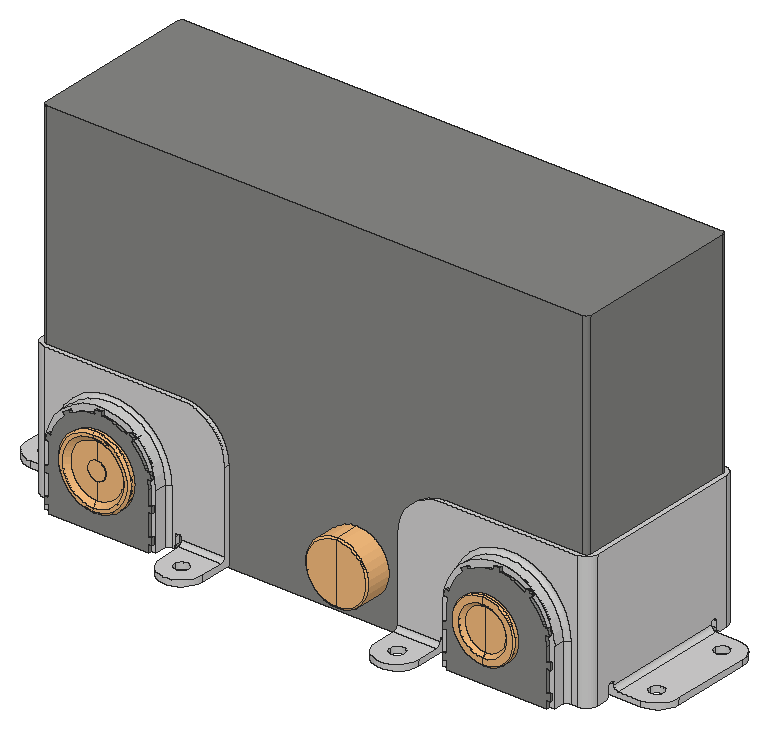
Revit family "Faucet-Valves_and_Controls-KALLISTA-P34723_1", category Plumbing Fixtures, host Face, Revit 2021
Family settings
  Host = Face
  Round Connector Dimension = Use Diameter
  Part Type = Normal
  OmniClass Number = 23.27.31.00
  OmniClass Title = Valves
  Cut with Voids When Loaded = No
  Shared = No
  Room Calculation Point = No
Parameters (values of type "NA-Stainless")
  Width = 11 51/128"  # constant formula
  WaterSense Certified = 1 = 0  # no
  Tempered Water Outlet 2 Up [instance] = yes
  Tempered Water Outlet 2 Down [instance] = not(Tempered Water Outlet 2 Up)  # no
  Tempered Water Outlet 2 = "Tempered Water Outlet 2 "  # constant formula
  Tempered Water Outlet 1 = "Tempered Water Outlet 1 "  # constant formula
  Waste Connection = 1 = 0  # no
  Vent Connection = 1 = 0  # no
  URL = "https://www.kallista.com/"
  Type = 1
  Tempered Water Outlet 1 Up [instance] = yes
  Tempered Water Outlet 1 Down [instance] = not(Tempered Water Outlet 1 Up)  # no
  Product Page URL = ""
  Product Name = ""
  Product Documentation Link = ""
  Pressure = 60.00 psi  # constant formula
  Model = "P34723-00-NA"  # constant formula
  Material = "Premium Metal Construction"  # constant formula
  Master Format 2014 Name = "Control Valves"  # constant formula
  Master Format 2014 = "23 09 13.33"  # constant formula
  Manufacturer Address = "444 Highland Dr, Kohler, WI 53044"  # constant formula
  Manufacturer = "Kallista Co."  # constant formula
  Length = 6 13/128"  # constant formula
  Hot Water Inlet = "Hot Water Inlet"  # constant formula
  Height = 4 113/128"  # constant formula
  HW Connection = 1 = 1  # yes
  Flow Rate = 11 GPM  # constant formula
  Finish = Kallista-Metal-NA-Stainless
  Environmental Product Declaration = ""
  Description = "Recessed Thermostatic Valve 2 Outlet"  # constant formula
  Default Elevation = 36"
  Declare Label = ""
  Date Modified = "08/01/2022"  # constant formula
  Date Created = "08/01/2022"  # constant formula
  Copyright = "Copyright Kallista Co."  # constant formula
  Contact Us = "https://www.kallista.com/corporate/contact-us/"
  Cold Water Inlet = "Cold Water Inlet"  # constant formula
  CW Connection = 1 = 1  # yes
  Assembly Code = "D2020"
  ADA Compliant = 1 = 0  # no
Reference planes (in)
  plane 1 "Center (Front/Back)": y = 0
  plane 2: z = 0
  plane 3 "Center (Left/Right)": x = 0
  plane 4: y = 2.44094
  plane 5: y = -2.44188
  plane 6: y = -1.59449
  plane 7: y = 1.59449
  plane 8: y = 0.70866
  plane 9: y = -0.70866
  plane 10: y = 2.06693
  plane 11: y = -2.06693
  plane 12: z = -0.00088
  plane 13: z = -5.11811
  plane 14: z = -2.10633
  plane 15: z = -2.89343
  plane 16: y = 1.90957
  plane 17: y = 1.98819
  plane 18: y = -1.90853
  plane 19: y = -1.98819
  plane 20: z = -6.10156
  plane 21: x = -5.69882
  plane 22: x = 5.69962
  plane 23: x = -5.3248
  plane 24: x = 5.3248
  plane 25: x = 4.85236
  plane 26: x = 3.29724
  plane 27: x = 1.87992
  plane 28: x = 0.73819
  plane 29: x = -1.87992
  plane 30: x = -3.48914
  plane 31: x = -4.85236
  plane 32: z = -5.21661
  plane 33: y = 1.51575
  plane 34: y = -1.51575
Forms (in)
  Extrusion 1, void
    sketch origin (0, 0, 0) x (1, 0, 0) y (0, 1, 0)
      loop
        line (4.67567, 1.51575) -> (-4.67834, 1.51575)
        arc (-4.67834, 1.51575) -> (-4.7318, 1.49361) -> (-4.75394, 1.44015) r 0.0756
        line (-4.75394, 1.44015) -> (-4.75394, -1.43454)
        arc (-4.75394, -1.43454) -> (-4.73015, -1.49196) -> (-4.67273, -1.51575) r 0.08121
        line (-4.67273, -1.51575) -> (4.67441, -1.51575)
        arc (4.67441, -1.51575) -> (4.73064, -1.49245) -> (4.75394, -1.43622) r 0.07953
        line (4.75394, -1.43622) -> (4.75394, 1.43748)
        arc (4.75394, 1.43748) -> (4.73101, 1.49282) -> (4.67567, 1.51575) r 0.07827
    from 0 to -3.72055
  Extrusion 2, void
    sketch origin (0, 0, 0) x (1, 0, 0) y (0, 1, 0)
      loop
        line (-5.69882, 2.46949) -> (-5.69882, -2.45386) -> (5.7161, -2.45386) -> (5.7161, 2.46949) -> (-5.69882, 2.46949)
    from -3.72055 to -6.10244
Dimensions and locks (in)
  plane 9 to plane 8 = 1.41732"
  plane 11 to plane 10 = 4.13386"
  level to plane 14 = 2.10633"
  level to plane 15 = 2.89343"
  "Width": plane 21 to plane 22
  "Height": plane 5 to plane 4
  plane 30 to plane 26 = 6.78639"
  plane 29 to plane 27 = 3.75984"
  plane 23 to plane 24 = 10.64961"
  "Length": level to plane 20
  plane 25 to plane 31 = 9.70472"
  plane 21 to plane 30 = 2.20968"
  plane 21 to plane 28 = 6.43701"
  plane 21 to plane 26 = 8.99606"
  plane 17 to plane 19 = 3.97638"
  plane 33 to plane 34 = 3.0315"
  aligned and locked: plane 2 to host face
  aligned and locked: level to host face
Automatic sketch dimensions
  host sketch curve to host sketch curve = 96"  (x2)
  Extrusion 2 sketch curve to plane 21 = 0"
  plane 22 to Extrusion 2 sketch curve = 0.01648"
  plane 5 to Extrusion 2 sketch curve = 0.01199"
  Extrusion 2 sketch curve to plane 4 = 0.02855"
  plane 31 to Extrusion 1 sketch curve = 0.09843"
  Extrusion 1 sketch curve to Extrusion 1 sketch curve = 0.0756"
  Extrusion 1 sketch curve to Extrusion 1 sketch curve = 0.08121"
  plane 6 to Extrusion 1 sketch curve = 0.07874"
  plane 25 to Extrusion 1 sketch curve = 0.17795"
  plane 7 to Extrusion 1 sketch curve = 0.07874"
  plane 25 to Extrusion 1 sketch curve = 0.17669"
  Extrusion 1 sketch curve to Extrusion 1 sketch curve = 0.07953"
Nested families (in)
  nested 1: "P34723" at (0, 0, -6.10244), type "P34723"
Connectors (in)
  piping at (-3.48917, -1.90938, -5.11819), diameter 0.75, driven by "Flow Rate", driven by "Pressure", driven by "CW Connection", driven by "Cold Water Inlet"
    settings: on nested 1, index 1, connector inside diameter 24", connector length 0", flow factor 0, pipe flow 11 GPM, pressure drop 60.00 psi, fitting loss kfactor 0, connector angle 0.00°, fixture units 0, engagement length 0", angle of deflection 0.00°, flow configuration 1, flow direction 1, fitting loss method 4, system type 20, joint type 0, gender type 0, connector reference index -1, connector utility 1, adjustable connector no, is connector primary yes, connector description "Cold Water Inlet"
  piping at (-3.48917, 1.90938, -5.11819), diameter 0.75, driven by "Flow Rate", driven by "Pressure", driven by "HW Connection", driven by "Hot Water Inlet"
    settings: on nested 1, index 2, connector inside diameter 24", connector length 0", flow factor 0, pipe flow 11 GPM, pressure drop 60.00 psi, fitting loss kfactor 0, connector angle 0.00°, fixture units 0, engagement length 0", angle of deflection 0.00°, flow configuration 1, flow direction 1, fitting loss method 4, system type 19, joint type 0, gender type 0, connector reference index -1, connector utility 1, adjustable connector no, is connector primary no, connector description "Hot Water Inlet"
  piping at (3.29724, 1.90938, -5.21661), diameter 0.5, driven by "Flow Rate", driven by "Pressure", driven by "HW Connection", driven by "Tempered Water Outlet 2"
    settings: on nested 1, index 3, connector inside diameter 24", connector length 0", flow factor 0, pipe flow 11 GPM, pressure drop 60.00 psi, fitting loss kfactor 0, connector angle 0.00°, fixture units 0, engagement length 0", angle of deflection 0.00°, flow configuration 1, flow direction 2, fitting loss method 4, system type 19, joint type 0, gender type 0, connector reference index -1, connector utility 1, adjustable connector no, is connector primary no, connector description "Tempered Water Outlet 2 "
  piping at (0.73819, 1.9685, -5.21661), diameter 0.5, driven by "Flow Rate", driven by "Pressure", driven by "HW Connection", driven by "Tempered Water Outlet 1"
    settings: on nested 1, index 4, connector inside diameter 24", connector length 0", flow factor 0, pipe flow 11 GPM, pressure drop 60.00 psi, fitting loss kfactor 0, connector angle 0.00°, fixture units 0, engagement length 0", angle of deflection 0.00°, flow configuration 1, flow direction 2, fitting loss method 4, system type 19, joint type 0, gender type 0, connector reference index -1, connector utility 1, adjustable connector no, is connector primary no, connector description "Tempered Water Outlet 1 "
Definition of nested family "P34723"
  Parameters (values of type "P34723")
    Top connector 2 = yes
    Top connector 1 = yes
    Material = none
    Default Elevation = 0"
    Connetor2 angel = if(Top connector 2, 0.00°, 180.00°)  # 0.00°
    Connector2 Distance = if(Top connector 2, 3.0315", 0")  # 3.0315"
    Connector1 angel = if(Top connector 1, 180.00°, 0.00°)  # 180.00°
    Connector1 Distance = if(Top connector 1, 0", 3.0315")  # 0"
    Bottum Connector 2 = not(Top connector 2)  # no
    Bottum Connector 1 = not(Top connector 1)  # no
  Reference planes (in)
    plane 1 "Center (Front/Back)": y = 0
    plane 2: z = 0
    plane 3 "Center (Left/Right)": x = 0
    plane 4: x = -5.69882
    plane 5: y = 2.44094
    plane 6: y = -2.44094
    plane 7: z = 6.10236
    plane 8 "2": x = 3.29724
    plane 9 "1": x = -3.48914
    plane 10: z = 0.98425
    plane 11 "A": z = 0.88583
    plane 12: y = 1.98819
    plane 13: y = -1.98819
    plane 14: x = -1.87992
    plane 15: x = 5.69882
    plane 16: y = 1.51575
    plane 17: y = -1.51575
    plane 18: x = 1.87992
    plane 19 "3": x = 0.73819
    plane 20: x = 4.85236
    plane 21: x = -4.85236
    plane 22: y = 1.51575
    plane 23: y = 1.51575
    plane 24: z = 0
    plane 25: y = 0.70866
    plane 26: y = -0.70866
    plane 27: x = -5.3248
    plane 28: x = 5.3248
  Forms (in)
    Extrusion 1, solid, detail levels medium+fine
      sketch origin (0, 0, 0) x (1, 0, 0) y (0, 1, 0)
        loop
          line (4.6752, 1.51575) -> (-4.6752, 1.51575)
          arc (-4.6752, 1.51575) -> (-4.73087, 1.49269) -> (-4.75394, 1.43701) r 0.07874
          line (-4.75394, 1.43701) -> (-4.75394, -1.43701)
          arc (-4.75394, -1.43701) -> (-4.73087, -1.49269) -> (-4.6752, -1.51575) r 0.07874
          line (-4.6752, -1.51575) -> (4.6752, -1.51575)
          arc (4.6752, -1.51575) -> (4.73087, -1.49269) -> (4.75394, -1.43701) r 0.07874
          line (4.75394, -1.43701) -> (4.75394, 1.43701)
          arc (4.75394, 1.43701) -> (4.73087, 1.49269) -> (4.6752, 1.51575) r 0.07874
      from 0 to 6.10236
    Extrusion 2, solid, material <- "Material", detail levels medium+fine
      sketch origin (0, 0, 0) x (1, 0, 0) y (0, 0, 1)
        loop
          line (-2.29331, 2.38189) -> (-4.85236, 2.38189) -> (-4.85236, 0.01969) -> (-2.42323, 0.01969)
          arc (-2.42323, 0.01969) -> (-2.38704, 0.03468) -> (-2.37205, 0.07087) r 0.05118
          line (-2.37205, 0.07087) -> (-2.37205, 0.2165)
          arc (-2.37205, 0.2165) -> (-2.31299, 0.27556) -> (-2.25394, 0.2165) r 0.05906
          line (-2.25394, 0.2165) -> (-2.25394, 0.01969) -> (-1.50591, 0.01969) -> (-1.50591, 1.59449)
          arc (-1.50591, 1.59449) -> (-1.73653, 2.15127) -> (-2.29331, 2.38189) r 0.7874
        loop
          arc (2.29331, 2.38189) -> (1.73653, 2.15127) -> (1.50591, 1.59449) r 0.7874
          line (1.50591, 1.59449) -> (1.50591, 0.01969) -> (2.25394, 0.01969) -> (2.25394, 0.2165)
          arc (2.25394, 0.2165) -> (2.31299, 0.27556) -> (2.37205, 0.2165) r 0.05906
          line (2.37205, 0.2165) -> (2.37205, 0.07087)
          arc (2.37205, 0.07087) -> (2.38704, 0.03468) -> (2.42323, 0.01969) r 0.05118
          line (2.42323, 0.01969) -> (4.85236, 0.01969) -> (4.85236, 2.38189) -> (2.29331, 2.38189)
      from -1.59449 to 1.59449
    Sweep 3, void
      path in 3D
        loop
          line (-4.85236, -1.59449, 2.38189) -> (-4.85236, -1.59449, 0.01969)
      profile origin (-4.85236, -1.59449, 1.20079) x (-1, 0, 0) y (0, -1, 0)
        loop
          line (0, -0.19685) -> (0, 0) -> (-0.19685, 0)
          arc (-0.19685, 0) -> (-0.05766, -0.05766) -> (0, -0.19685) r 0.19685
    Sweep 4, void
      path in 3D
        loop
          line (-4.85236, 1.59449, 2.38189) -> (-4.85236, 1.59449, 0.01969)
      profile origin (-4.85236, 1.59449, 1.20079) x (-1, 0, 0) y (0, -1, 0)
        loop
          arc (0, 0.19685) -> (-0.05766, 0.05766) -> (-0.19685, 0) r 0.19685
          line (-0.19685, 0) -> (0, 0) -> (0, 0.19685)
    Sweep 5, void
      path in 3D
        loop
          line (4.85236, -1.59449, 2.38189) -> (4.85236, -1.59449, 0.01969)
      profile origin (4.85236, -1.59449, 1.20079) x (1, 0, 0) y (0, 1, 0)
        loop
          arc (0, 0.19685) -> (-0.05766, 0.05766) -> (-0.19685, 0) r 0.19685
          line (-0.19685, 0) -> (0, 0) -> (0, 0.19685)
    Sweep 6, void
      path in 3D
        loop
          line (4.85236, 1.59449, 2.38189) -> (4.85236, 1.59449, 0.01969)
      profile origin (4.85236, 1.59449, 1.20079) x (1, 0, 0) y (0, 1, 0)
        loop
          line (0, -0.19685) -> (0, 0) -> (-0.19685, 0)
          arc (-0.19685, 0) -> (-0.05766, -0.05766) -> (0, -0.19685) r 0.19685
    Extrusion 7, solid, material <- "Material", detail levels medium+fine
      sketch origin (0, 0, 0) x (1, 0, 0) y (0, 1, 0)
        loop
          line (-4.85236, 1.06299) -> (-5.3248, 1.06299)
          arc (-5.3248, 1.06299) -> (-5.58927, 0.95345) -> (-5.69882, 0.68898) r 0.37402
          line (-5.69882, 0.68898) -> (-5.69882, -0.68898)
          arc (-5.69882, -0.68898) -> (-5.58927, -0.95345) -> (-5.3248, -1.06299) r 0.37402
          line (-5.3248, -1.06299) -> (-4.85236, -1.06299) -> (-4.85236, 1.06299)
        loop
          line (4.85236, 1.06299) -> (4.85236, -1.06299) -> (5.3248, -1.06299)
          arc (5.3248, -1.06299) -> (5.58927, -0.95345) -> (5.69882, -0.68898) r 0.37402
          line (5.69882, -0.68898) -> (5.69882, 0.68898)
          arc (5.69882, 0.68898) -> (5.58927, 0.95345) -> (5.3248, 1.06299) r 0.37402
          line (5.3248, 1.06299) -> (4.85236, 1.06299)
        loop
          circle (-5.3248, 0.70866) r 0.12598
        loop
          circle (-5.3248, -0.70866) r 0.12598
        loop
          circle (5.3248, 0.70866) r 0.12598
        loop
          circle (5.3248, -0.70866) r 0.12598
        loop
          arc (-2.25393, -2.06693) -> (-1.87992, -2.44094) -> (-1.50591, -2.06693) r 0.37401
          line (-1.50591, -2.06693) -> (-1.50591, -1.59449) -> (-2.25393, -1.59449) -> (-2.25393, -2.06693)
        loop
          line (2.25393, -2.06693) -> (2.25393, -1.59449) -> (1.50591, -1.59449) -> (1.50591, -2.06693)
          arc (1.50591, -2.06693) -> (1.87992, -2.44094) -> (2.25393, -2.06693) r 0.37401
        loop
          line (-2.25393, 2.06693) -> (-2.25393, 1.59449) -> (-1.50591, 1.59449) -> (-1.50591, 2.06693)
          arc (-1.50591, 2.06693) -> (-1.87992, 2.44094) -> (-2.25393, 2.06693) r 0.37401
        loop
          arc (2.25393, 2.06693) -> (1.87992, 2.44094) -> (1.50591, 2.06693) r 0.37401
          line (1.50591, 2.06693) -> (1.50591, 1.59449) -> (2.25393, 1.59449) -> (2.25393, 2.06693)
        loop
          circle (-1.87992, -2.06693) r 0.12598
        loop
          circle (1.87992, -2.06693) r 0.12598
        loop
          circle (-1.87992, 2.06693) r 0.12598
        loop
          circle (1.87992, 2.06693) r 0.12598
      from 0.01969 to 0.11811
    Extrusion 8, solid, material <- "Material", detail levels medium+fine
      sketch origin (1.27953, 0, 0) x (1, 0, 0) y (0, 0, 1)
        loop
          line (-3.77953, 0.01969) -> (-3.77953, 0.98689)
          arc (-3.77953, 0.98689) -> (-4.75394, 1.9613) -> (-5.72835, 0.98689) r 0.97441
          line (-5.72835, 0.98689) -> (-5.72835, 0.01969) -> (-3.77953, 0.01969)
        loop
          line (1.22047, 0.99085) -> (1.22047, 0.01969) -> (3.16929, 0.01969) -> (3.16929, 0.99085)
          arc (3.16929, 0.99085) -> (2.19488, 1.96526) -> (1.22047, 0.99085) r 0.97441
      from -1.85039 to 1.85039
    Extrusion 9, solid, detail levels medium+fine
      sketch origin (-1.27953, 0, 0) x (1, 0, 0) y (0, 0, 1)
        loop
          line (-3.07087, 0.62992) -> (-3.07087, 0.25591) -> (-3.12992, 0.25591) -> (-3.12992, 0.1378) -> (-3.07087, 0.1378) -> (-3.07087, 0) -> (-1.3189, 0) -> (-1.3189, 0.1378) -> (-1.25984, 0.1378) -> (-1.25984, 0.25591) -> (-1.3189, 0.25591) -> (-1.3189, 0.62992) -> (-1.25984, 0.62992) -> (-1.25984, 0.74803) -> (-1.3189, 0.74803) -> (-1.3189, 0.98425)
          arc (-1.3189, 0.98425) -> (-1.32232, 1.06162) -> (-1.33257, 1.13839) r 0.87598
          line (-1.33257, 1.13839) -> (-1.27514, 1.15271) -> (-1.30372, 1.26731) -> (-1.36114, 1.25299)
          arc (-1.36114, 1.25299) -> (-1.46022, 1.46135) -> (-1.61026, 1.63661) r 0.87598
          line (-1.61026, 1.63661) -> (-1.57383, 1.68324) -> (-1.6669, 1.75596) -> (-1.70334, 1.70932)
          arc (-1.70334, 1.70932) -> (-1.90969, 1.81251) -> (-2.13583, 1.85824) r 0.87598
          line (-2.13583, 1.85824) -> (-2.13583, 1.91742) -> (-2.25394, 1.91742) -> (-2.25394, 1.85824)
          arc (-2.25394, 1.85824) -> (-2.48007, 1.81251) -> (-2.68643, 1.70932) r 0.87598
          line (-2.68643, 1.70932) -> (-2.72286, 1.75596) -> (-2.81594, 1.68324) -> (-2.7795, 1.63661)
          arc (-2.7795, 1.63661) -> (-2.92954, 1.46135) -> (-3.02863, 1.25299) r 0.87598
          line (-3.02863, 1.25299) -> (-3.08605, 1.26731) -> (-3.11462, 1.15271) -> (-3.0572, 1.13839)
          arc (-3.0572, 1.13839) -> (-3.06744, 1.06162) -> (-3.07087, 0.98425) r 0.87598
          line (-3.07087, 0.98425) -> (-3.07087, 0.74803) -> (-3.12992, 0.74803) -> (-3.12992, 0.62992) -> (-3.07087, 0.62992)
        loop
          line (3.87795, 0.62992) -> (3.87795, 0.25591) -> (3.8189, 0.25591) -> (3.8189, 0.1378) -> (3.87795, 0.1378) -> (3.87795, 0) -> (5.62992, 0) -> (5.62992, 0.1378) -> (5.68898, 0.1378) -> (5.68898, 0.25591) -> (5.62992, 0.25591) -> (5.62992, 0.62992) -> (5.68898, 0.62992) -> (5.68898, 0.74803) -> (5.62992, 0.74803) -> (5.62992, 0.98425)
          arc (5.62992, 0.98425) -> (5.6265, 1.06162) -> (5.61625, 1.13839) r 0.87598
          line (5.61625, 1.13839) -> (5.67368, 1.15271) -> (5.6451, 1.26731) -> (5.58768, 1.25299)
          arc (5.58768, 1.25299) -> (5.4886, 1.46135) -> (5.33856, 1.63661) r 0.87598
          line (5.33856, 1.63661) -> (5.37499, 1.68324) -> (5.28192, 1.75596) -> (5.24548, 1.70932)
          arc (5.24548, 1.70932) -> (5.03913, 1.81251) -> (4.81299, 1.85824) r 0.87598
          line (4.81299, 1.85824) -> (4.81299, 1.91742) -> (4.69488, 1.91742) -> (4.69488, 1.85824)
          arc (4.69488, 1.85824) -> (4.46874, 1.81251) -> (4.26239, 1.70932) r 0.87598
          line (4.26239, 1.70932) -> (4.22595, 1.75596) -> (4.13288, 1.68324) -> (4.16932, 1.63661)
          arc (4.16932, 1.63661) -> (4.01927, 1.46135) -> (3.92019, 1.25299) r 0.87598
          line (3.92019, 1.25299) -> (3.86277, 1.26731) -> (3.8342, 1.15271) -> (3.89162, 1.13839)
          arc (3.89162, 1.13839) -> (3.88138, 1.06162) -> (3.87795, 0.98425) r 0.87598
          line (3.87795, 0.98425) -> (3.87795, 0.74803) -> (3.8189, 0.74803) -> (3.8189, 0.62992) -> (3.87795, 0.62992)
        loop
          circle (-2.20961, 0.98425) r 0.54335
        loop
          circle (4.57677, 0.88583) r 0.41841
      from -1.92913 to 1.88976
    Revolve 10, solid, detail levels medium+fine
      sketch origin (-3.48914, 0, 0) x (0, 0, 1) y (0, -1, 0)
        loop
          line (1.5276, -1.98819) -> (1.58464, -1.98819) -> (1.62406, -1.94877) -> (1.62406, -1.51575) -> (0.98425, -1.51575) -> (0.98425, -1.90938) -> (1.44879, -1.90938) -> (1.5276, -1.98819)
        loop
          line (1.5276, 1.98819) -> (1.44879, 1.90938) -> (0.98425, 1.90938) -> (0.98425, 1.51575) -> (1.62406, 1.51575) -> (1.62406, 1.94877) -> (1.58464, 1.98819) -> (1.5276, 1.98819)
        axis (0.98425, -1.98819) -> (0.98425, 1.98819)
      angle from 0 to 360
    Revolve 11, solid, detail levels medium+fine
      sketch origin (3.29724, 0, 0) x (0, 0, -1) y (0, -1, 0)
        loop
          line (-1.43701, 1.94331) -> (-1.43701, 1.61417) -> (-0.88583, 1.61417) -> (-0.88583, 1.90938) -> (-1.24512, 1.90938) -> (-1.30424, 1.9685) -> (-1.41732, 1.9685) -> (-1.43701, 1.94331)
        loop
          line (-1.43701, -1.94331) -> (-1.41732, -1.9685) -> (-1.30424, -1.9685) -> (-1.24512, -1.90938) -> (-0.88583, -1.90938) -> (-0.88583, -1.61417) -> (-1.43701, -1.61417) -> (-1.43701, -1.94331)
        axis (-0.88583, 1.9685) -> (-0.88583, -1.9685)
      angle from 0 to 360
    Sweep 12, solid, material <- "Material", detail levels medium+fine
      path in 3D
        loop
          line (2.5, 1.59449, 0.01969) -> (2.5, 1.59449, 0.99085)
          arc (2.5, 1.59449, 0.99085) -> (3.47441, 1.59449, 1.96526) -> (4.44882, 1.59449, 0.99085) r 0.97441
          line (4.44882, 1.59449, 0.99085) -> (4.44882, 1.59449, 0.01969)
      profile origin (2.5, 1.59449, 0.50527) x (0, 1, 0) y (-1, 0, 0)
        loop
          arc (0.07874, 0) -> (0.02306, 0.02306) -> (0, 0.07874) r 0.07874
          line (0, 0.07874) -> (0, 0) -> (0.07874, 0)
    Sweep 13, solid, material <- "Material", detail levels medium+fine
      path in 3D
        loop
          line (-4.44882, -1.59449, 0.01969) -> (-4.44882, -1.59449, 0.99085)
          arc (-4.44882, -1.59449, 0.99085) -> (-3.47441, -1.59449, 1.96526) -> (-2.5, -1.59449, 0.99085) r 0.97441
          line (-2.5, -1.59449, 0.99085) -> (-2.5, -1.59449, 0.01969)
      profile origin (-4.44882, -1.59449, 0.50527) x (0, 1, 0) y (-1, 0, 0)
        loop
          line (-0.07874, 0) -> (0, 0) -> (0, 0.07874)
          arc (0, 0.07874) -> (-0.02306, 0.02306) -> (-0.07874, 0) r 0.07874
    Sweep 14, solid, material <- "Material", detail levels medium+fine
      path in 3D
        loop
          line (-4.44882, 1.59449, 0.01969) -> (-4.44882, 1.59449, 0.99085)
          arc (-4.44882, 1.59449, 0.99085) -> (-3.47441, 1.59449, 1.96526) -> (-2.5, 1.59449, 0.99085) r 0.97441
          line (-2.5, 1.59449, 0.99085) -> (-2.5, 1.59449, 0.01969)
      profile origin (-4.44882, 1.59449, 0.50527) x (0, 1, 0) y (-1, 0, 0)
        loop
          arc (0.07874, 0) -> (0.02306, 0.02306) -> (0, 0.07874) r 0.07874
          line (0, 0.07874) -> (0, 0) -> (0.07874, 0)
    Extrusion 15, solid, material <- "Material", detail levels medium+fine
      sketch origin (0, 0, 0) x (1, 0, 0) y (0, 0, 1)
        loop
          line (-3.57283, 0.11811) -> (-3.57283, 0.19685)
          arc (-3.57283, 0.19685) -> (-3.5959, 0.14117) -> (-3.65157, 0.11811) r 0.07874
          line (-3.65157, 0.11811) -> (-3.57283, 0.11811)
        loop
          line (3.57283, 0.11811) -> (3.65157, 0.11811)
          arc (3.65157, 0.11811) -> (3.5959, 0.14117) -> (3.57283, 0.19685) r 0.07874
          line (3.57283, 0.19685) -> (3.57283, 0.11811)
      from -1.06299 to 1.06299
    Extrusion 16, solid, material <- "Material", detail levels medium+fine
      sketch origin (0, 0, 0) x (0, 1, 0) y (0, 0, 1)
        loop
          line (-1.67323, 0.11811) -> (-1.59449, 0.11811) -> (-1.59449, 0.19685)
          arc (-1.59449, 0.19685) -> (-1.61755, 0.14117) -> (-1.67323, 0.11811) r 0.07874
        loop
          arc (1.67323, 0.11811) -> (1.61755, 0.14117) -> (1.59449, 0.19685) r 0.07874
          line (1.59449, 0.19685) -> (1.59449, 0.11811) -> (1.67323, 0.11811)
      from 1.50591 to 2.25394
    Extrusion 17, solid, material <- "Material", detail levels medium+fine
      sketch origin (0, 0, 0) x (0, 1, 0) y (0, 0, 1)
        loop
          line (-1.67323, 0.11811) -> (-1.59449, 0.11811) -> (-1.59449, 0.19685)
          arc (-1.59449, 0.19685) -> (-1.61755, 0.14117) -> (-1.67323, 0.11811) r 0.07874
        loop
          arc (1.67323, 0.11811) -> (1.61755, 0.14117) -> (1.59449, 0.19685) r 0.07874
          line (1.59449, 0.19685) -> (1.59449, 0.11811) -> (1.67323, 0.11811)
      from -2.25394 to -1.50591
    Extrusion 18, solid, detail levels coarse
      sketch origin (0, 0, 0) x (1, 0, 0) y (0, 1, 0)
        loop
          line (4.67504, 1.51575) -> (-4.67626, 1.51575)
          arc (-4.67626, 1.51575) -> (-4.73119, 1.493) -> (-4.75394, 1.43807) r 0.07768
          line (-4.75394, 1.43807) -> (-4.75394, -1.43922)
          arc (-4.75394, -1.43922) -> (-4.73152, -1.49333) -> (-4.67741, -1.51575) r 0.07653
          line (-4.67741, -1.51575) -> (4.67645, -1.51575)
          arc (4.67645, -1.51575) -> (4.73124, -1.49305) -> (4.75394, -1.43826) r 0.07749
          line (4.75394, -1.43826) -> (4.75394, 1.43686)
          arc (4.75394, 1.43686) -> (4.73083, 1.49264) -> (4.67504, 1.51575) r 0.07889
      from 0 to 6.10236
    Extrusion 19, solid, detail levels coarse
      sketch origin (-1.27953, 0, 0) x (1, 0, 0) y (0, 0, 1)
        loop
          line (-1.3189, 0) -> (-1.3189, 0.9897)
          arc (-1.3189, 0.9897) -> (-2.19488, 1.86569) -> (-3.07087, 0.9897) r 0.87598
          line (-3.07087, 0.9897) -> (-3.07087, 0) -> (-1.3189, 0)
        loop
          line (5.62992, 0) -> (5.62992, 0.9897)
          arc (5.62992, 0.9897) -> (4.75394, 1.86569) -> (3.87795, 0.9897) r 0.87598
          line (3.87795, 0.9897) -> (3.87795, 0) -> (5.62992, 0)
      from -1.92913 to 1.88976
    Extrusion 20, solid, material <- "Material", detail levels coarse
      sketch origin (0, 0, 0) x (1, 0, 0) y (0, 1, 0)
        loop
          line (4.65551, 1.59449) -> (1.50591, 1.59449) -> (1.50591, 1.51575) -> (4.67601, 1.51575)
          arc (4.67601, 1.51575) -> (4.73111, 1.49292) -> (4.75394, 1.43782) r 0.07793
          line (4.75394, 1.43782) -> (4.75394, -1.43659)
          arc (4.75394, -1.43659) -> (4.73075, -1.49256) -> (4.67478, -1.51575) r 0.07916
          line (4.67478, -1.51575) -> (1.50591, -1.51575) -> (1.50591, -1.59449) -> (4.65551, -1.59449)
          arc (4.65551, -1.59449) -> (4.79471, -1.53683) -> (4.85236, -1.39764) r 0.19685
          line (4.85236, -1.39764) -> (4.85236, 1.39764)
          arc (4.85236, 1.39764) -> (4.79471, 1.53683) -> (4.65551, 1.59449) r 0.19685
        loop
          line (-4.85236, 1.39764) -> (-4.85236, -1.39764)
          arc (-4.85236, -1.39764) -> (-4.79471, -1.53683) -> (-4.65551, -1.59449) r 0.19685
          line (-4.65551, -1.59449) -> (-1.50591, -1.59449) -> (-1.50591, -1.51575) -> (-4.67555, -1.51575)
          arc (-4.67555, -1.51575) -> (-4.73098, -1.49279) -> (-4.75394, -1.43736) r 0.07839
          line (-4.75394, -1.43736) -> (-4.75394, 1.4364)
          arc (-4.75394, 1.4364) -> (-4.7307, 1.49251) -> (-4.67459, 1.51575) r 0.07935
          line (-4.67459, 1.51575) -> (-1.50591, 1.51575) -> (-1.50591, 1.59449) -> (-4.65551, 1.59449)
          arc (-4.65551, 1.59449) -> (-4.79471, 1.53683) -> (-4.85236, 1.39764) r 0.19685
      from 0 to 2.38189
    Extrusion 21, solid, material <- "Material", detail levels coarse
      sketch origin (0, 0, 0) x (1, 0, 0) y (0, 1, 0)
        loop
          line (-5.69882, -1.06299) -> (-4.85236, -1.06299) -> (-4.85236, 1.06299) -> (-5.69882, 1.06299) -> (-5.69882, -1.06299)
        loop
          line (-2.25393, 1.59449) -> (-1.5059, 1.59449) -> (-1.5059, 2.44094) -> (-2.25393, 2.44094) -> (-2.25393, 1.59449)
        loop
          line (1.50591, 1.59449) -> (2.25394, 1.59449) -> (2.25394, 2.44094) -> (1.50591, 2.44094) -> (1.50591, 1.59449)
        loop
          line (-2.25393, -1.59449) -> (-2.25393, -2.44094) -> (-1.5059, -2.44094) -> (-1.5059, -1.59449) -> (-2.25393, -1.59449)
        loop
          line (1.50591, -1.59449) -> (1.50591, -2.44094) -> (2.25394, -2.44094) -> (2.25394, -1.59449) -> (1.50591, -1.59449)
        loop
          line (5.69882, -1.06299) -> (5.69882, 1.06299) -> (4.85236, 1.06299) -> (4.85236, -1.06299) -> (5.69882, -1.06299)
        loop
          circle (-5.3248, 0.70866) r 0.12598
        loop
          circle (-5.3248, -0.70866) r 0.12598
        loop
          circle (-1.87991, 2.06693) r 0.12598
        loop
          circle (1.87993, 2.06693) r 0.12598
        loop
          circle (5.3248, 0.70866) r 0.12598
        loop
          circle (5.3248, -0.70866) r 0.12598
        loop
          circle (-1.87991, -2.06693) r 0.12598
        loop
          circle (1.87993, -2.06693) r 0.12598
      from 0.01969 to 0.11811
    Extrusion 22, solid, detail levels coarse
      sketch origin (1.27953, 0, 0) x (1, 0, 0) y (0, 0, 1)
        loop
          circle (-4.76867, 0.98425) r 0.63981
        loop
          circle (2.01772, 0.88583) r 0.55118
      from -1.98819 to 1.98819
    Extrusion 23, solid, material <- "Material", detail levels medium+fine
      sketch origin (0, 0, 0) x (1, 0, 0) y (0, 0, 1)
        loop
          line (-4.85236, 0.11811) -> (-4.85236, 0.19685)
          arc (-4.85236, 0.19685) -> (-4.87542, 0.14117) -> (-4.9311, 0.11811) r 0.07874
          line (-4.9311, 0.11811) -> (-4.85236, 0.11811)
        loop
          line (4.85236, 0.11811) -> (4.9311, 0.11811)
          arc (4.9311, 0.11811) -> (4.87542, 0.14117) -> (4.85236, 0.19685) r 0.07874
          line (4.85236, 0.19685) -> (4.85236, 0.11811)
      from -1.06299 to 1.06299
    Revolve 24, solid, detail levels medium+fine
      sketch origin (0.73819, 0, 0) x (0, 0, -1) y (0, -1, 0)
        loop
          line (-0.88583, 1.9685) -> (-1.40868, 1.9685) -> (-1.43701, 1.94018) -> (-1.43701, 1.51575) -> (-0.88583, 1.51575) -> (-0.88583, 1.9685)
        loop
          line (-0.88583, -1.9685) -> (-0.88583, -1.51575) -> (-1.43701, -1.51575) -> (-1.43701, -1.94018) -> (-1.40868, -1.9685) -> (-0.88583, -1.9685)
        axis (-0.88583, 1.9685) -> (-0.88583, -1.9685)
      angle from 0 to 360
    Sweep 25, solid, material <- "Material", detail levels medium+fine
      path in 3D
        loop
          line (2.5, -1.59449, 0.01969) -> (2.5, -1.59449, 0.99085)
          arc (2.5, -1.59449, 0.99085) -> (3.47441, -1.59449, 1.96526) -> (4.44882, -1.59449, 0.99085) r 0.97441
          line (4.44882, -1.59449, 0.99085) -> (4.44882, -1.59449, 0.01969)
      profile origin (2.5, -1.59449, 0.50527) x (0, 1, 0) y (-1, 0, 0)
        loop
          line (-0.07874, 0) -> (0, 0) -> (0, 0.07874)
          arc (0, 0.07874) -> (-0.02306, 0.02306) -> (-0.07874, 0) r 0.07874
    Extrusion 26, solid, detail levels coarse
      sketch origin (0, 0, 0) x (1, 0, 0) y (0, 0, 1)
        loop
          circle (0.73819, 0.88583) r 0.55118
      from -1.9685 to 1.9685
    Revolve 27, solid, detail levels medium+fine
      sketch origin (0.73819, 1.51575, 0.88583) x (0, 1, 0) y (-1, 0, 0)
        loop
          line (0.45276, 0) -> (0.45276, 0.1335) -> (0.2697, 0.1335) -> (0.2697, 0) -> (0.45276, 0)
        axis (0.45276, 0) -> (0.2697, 0)
      angle from 0 to 360
    Revolve 28, solid, detail levels medium+fine
      sketch origin (3.29724, 3.71496, 0.88583) x (0, -1, 0) y (1, 0, 0)
        loop
          line (1.80558, 0) -> (1.80558, -0.11811) -> (2.07072, -0.11811) -> (2.07072, 0) -> (1.80558, 0)
        axis (1.80558, 0) -> (2.07072, 0)
      angle from 0 to 360
    Extrusion 29, void
      sketch origin (0, 0, 0) x (0, 1, 0) y (0, 0, 1)
        loop
          line (1.06299, 0.01969) -> (1.23144, 0.01969)
          arc (1.23144, 0.01969) -> (1.1954, 0.05096) -> (1.18197, 0.09675) r 0.08476
          line (1.18197, 0.09675) -> (1.18197, 0.21633)
          arc (1.18197, 0.21633) -> (1.12248, 0.27582) -> (1.06299, 0.21633) r 0.05949
          line (1.06299, 0.21633) -> (1.06299, 0.01969)
        loop
          line (-1.06361, 0.01969) -> (-1.06361, 0.21633)
          arc (-1.06361, 0.21633) -> (-1.1231, 0.27582) -> (-1.18259, 0.21633) r 0.05949
          line (-1.18259, 0.21633) -> (-1.18259, 0.09675)
          arc (-1.18259, 0.09675) -> (-1.19602, 0.05096) -> (-1.23206, 0.01969) r 0.08476
          line (-1.23206, 0.01969) -> (-1.06361, 0.01969)
      from 4.75394 to 4.96427
    Extrusion 30, void
      sketch origin (0, 0, 0) x (0, 1, 0) y (0, 0, 1)
        loop
          line (1.06299, 0.01969) -> (1.23144, 0.01969)
          arc (1.23144, 0.01969) -> (1.1954, 0.05096) -> (1.18197, 0.09675) r 0.08476
          line (1.18197, 0.09675) -> (1.18197, 0.21633)
          arc (1.18197, 0.21633) -> (1.12248, 0.27582) -> (1.06299, 0.21633) r 0.05949
          line (1.06299, 0.21633) -> (1.06299, 0.01969)
        loop
          line (-1.06361, 0.01969) -> (-1.06361, 0.21633)
          arc (-1.06361, 0.21633) -> (-1.1231, 0.27582) -> (-1.18259, 0.21633) r 0.05949
          line (-1.18259, 0.21633) -> (-1.18259, 0.09675)
          arc (-1.18259, 0.09675) -> (-1.19602, 0.05096) -> (-1.23206, 0.01969) r 0.08476
          line (-1.23206, 0.01969) -> (-1.06361, 0.01969)
      from -4.75394 to -4.93006
    Revolve 31, solid, detail levels medium+fine
      sketch origin (-3.48917, 0, 0) x (0, 0, 1) y (0, -1, 0)
        loop
          line (1.5276, -1.98819) -> (1.58464, -1.98819) -> (1.62406, -1.94877) -> (1.62406, -1.51575) -> (0.98425, -1.51575) -> (0.98425, -1.90938) -> (1.44879, -1.90938) -> (1.5276, -1.98819)
        loop
          line (1.5276, 1.98819) -> (1.44879, 1.90938) -> (0.98425, 1.90938) -> (0.98425, 1.51575) -> (1.62406, 1.51575) -> (1.62406, 1.94877) -> (1.58464, 1.98819) -> (1.5276, 1.98819)
        axis (0.98425, -1.98819) -> (0.98425, 1.98819)
      angle from 0 to 360
    Extrusion 32, solid, detail levels medium+fine
      sketch origin (-1.27955, 0, 0) x (1, 0, 0) y (0, 0, 1)
        loop
          circle (-2.20961, 0.98425) r 0.15748
      from -1.90938 to 1.90938
    Sweep 33, solid, material <- "Material", detail levels medium+fine
      path origin (0, 0, 0) x (1, 0, 0) y (0, 0, 1)
        loop
          line (-2.5, 0.01969) -> (-2.5, 0.98689)
          arc (-2.5, 0.98689) -> (-3.47441, 1.9613) -> (-4.44882, 0.98689) r 0.97441
          line (-4.44882, 0.98689) -> (-4.44882, 0.01969)
      profile origin (-4.44882, 0, 0.50329) x (0, -1, 0) y (1, 0, 0)
        loop
          line (-1.59449, -0.0589) -> (-1.59449, 0) -> (-1.65339, 0)
          arc (-1.65339, 0) -> (-1.61174, -0.01725) -> (-1.59449, -0.0589) r 0.0589
        loop
          line (1.65365, 0) -> (1.59449, 0) -> (1.59449, -0.05917)
          arc (1.59449, -0.05917) -> (1.61182, -0.01733) -> (1.65365, 0) r 0.05917
  Cuts and joins
    Extrusion 30 cuts Extrusion 1
    Extrusion 30 cuts Extrusion 9
    joined: Extrusion 1, Extrusion 9
    joined: Revolve 10, Revolve 11, Revolve 24
    Sweep 3, Sweep 4, Sweep 5, Sweep 6, Extrusion 29, Extrusion 30 cuts Extrusion 2
    Extrusion 29, Extrusion 30 cuts Extrusion 7
    Extrusion 29, Extrusion 30 cuts Extrusion 8
    Extrusion 29, Extrusion 30 cuts Extrusion 15
    Extrusion 29, Extrusion 30 cuts Extrusion 16
    Extrusion 29, Extrusion 30 cuts Extrusion 17
    Extrusion 29, Extrusion 30 cuts Extrusion 23
    joined: Extrusion 2, Extrusion 7, Extrusion 8, Sweep 12, Sweep 13, Sweep 14, Extrusion 15, Extrusion 16, Extrusion 17, Extrusion 23, Sweep 25, Sweep 33
    Extrusion 30 cuts Extrusion 18
    Extrusion 30 cuts Extrusion 19
    joined: Extrusion 18, Extrusion 19
    Extrusion 30 cuts Extrusion 21
    joined: Extrusion 20, Extrusion 21
  Lines and regions (in)
    Masking region 1, detail levels medium+fine
      outline origin (0, 0, 0) x (1, 0, 0) y (0, 0, 1)
        loop
          line (-4.75394, 6.10236) -> (-4.75394, 3.99624) -> (-4.72647, 3.98038) -> (-4.75394, 3.9565) -> (-4.75394, 3.20816) -> (-4.72816, 3.19012) -> (-4.75394, 3.16924) -> (-4.75394, 2.38189) -> (-4.85236, 2.38189) -> (-4.85236, 0.19685)
          arc (-4.85236, 0.19685) -> (-4.87542, 0.14117) -> (-4.9311, 0.11811) r 0.07874
          line (-4.9311, 0.11811) -> (-5.69882, 0.11811) -> (-5.69882, 0.01969) -> (-4.78006, 0.01969) -> (-4.75394, 0) -> (4.75394, 0) -> (4.78006, 0.01969) -> (5.69882, 0.01969) -> (5.69882, 0.11811) -> (4.9311, 0.11811)
          arc (4.9311, 0.11811) -> (4.87542, 0.14117) -> (4.85236, 0.19685) r 0.07874
          line (4.85236, 0.19685) -> (4.85236, 2.38189) -> (4.75771, 2.38189) -> (4.75771, 3.16969) -> (4.73248, 3.19012) -> (4.75771, 3.2085) -> (4.75771, 3.95695) -> (4.73075, 3.98038) -> (4.75771, 3.99621) -> (4.75771, 6.10236) -> (-4.75394, 6.10236)
    Masking region 2
      outline origin (-4.65551, 1.59449, 0) x (1, 0, 0) y (0, 1, 0)
        loop
          arc (-0.01972, -0.07875) -> (-0.0754, -0.10182) -> (-0.09847, -0.15751) r 0.07875
          line (-0.09847, -0.15751) -> (-0.09847, -3.03162)
          arc (-0.09847, -3.03162) -> (-0.07536, -3.08741) -> (-0.01958, -3.11051) r 0.07889
          line (-0.01958, -3.11051) -> (9.33463, -3.11051)
          arc (9.33463, -3.11051) -> (9.39123, -3.08742) -> (9.41553, -3.03132) r 0.08091
          line (9.41553, -3.03132) -> (9.41553, -0.15745)
          arc (9.41553, -0.15745) -> (9.39248, -0.1018) -> (9.33683, -0.07875) r 0.07869
          line (9.33683, -0.07875) -> (-0.01972, -0.07875)
    Masking region 3
      outline origin (3.29724, 0, 0) x (0, 0, -1) y (0, -1, 0)
        loop
          line (-6.10204, -1.51575) -> (-3.99615, -1.51575) -> (-3.9783, -1.48717) -> (-3.95662, -1.51575) -> (-3.20887, -1.51575) -> (-3.18907, -1.49214) -> (-3.1682, -1.51575) -> (-2.38189, -1.51575) -> (-2.38189, -1.59449) -> (-2.03772, -1.59449)
          arc (-2.03772, -1.59449) -> (-1.98204, -1.61755) -> (-1.95898, -1.67323) r 0.07874
          line (-1.95898, -1.67323) -> (-1.95898, -1.85039) -> (-1.91893, -1.85039) -> (-1.91893, -1.92913) -> (-1.64336, -1.92913) -> (-1.58431, -1.98819) -> (-0.38354, -1.98819) -> (-0.354, -1.9685) -> (-0.32324, -1.92913) -> (-0.11778, -1.92913) -> (-0.11778, -2.44094) -> (-0.01936, -2.44094) -> (-0.01936, -1.95526) -> (0, -1.92957) -> (0, 1.92957) -> (-0.01936, 1.95526) -> (-0.01936, 2.44094) -> (-0.11778, 2.44094) -> (-0.11778, 1.88976) -> (-0.33432, 1.88976) -> (-0.33432, 1.94331) -> (-0.38354, 1.98819) -> (-1.58431, 1.98819) -> (-1.62373, 1.94331) -> (-1.62373, 1.88976) -> (-1.9171, 1.88976) -> (-1.9171, 1.85039) -> (-1.96493, 1.85039) -> (-1.96493, 1.67323)
          arc (-1.96493, 1.67323) -> (-1.98799, 1.61755) -> (-2.04367, 1.59449) r 0.07874
          line (-2.04367, 1.59449) -> (-2.38189, 1.59449) -> (-2.38189, 1.51575) -> (-3.1682, 1.51575) -> (-3.18907, 1.49214) -> (-3.20887, 1.51575) -> (-3.95662, 1.51575) -> (-3.9783, 1.48717) -> (-3.99615, 1.51575) -> (-6.10204, 1.51575) -> (-6.10204, -1.51575)
    sketch lines
      curve 1: line (-4.85236, -1.59449, 2.38189) -> (-4.85236, -1.59449, 0.01969)
      curve 2: line (-4.85236, 1.59449, 2.38189) -> (-4.85236, 1.59449, 0.01969)
      curve 3: line (4.85236, -1.59449, 2.38189) -> (4.85236, -1.59449, 0.01969)
      curve 4: line (4.85236, 1.59449, 2.38189) -> (4.85236, 1.59449, 0.01969)
      curve 5: line (2.5, 1.59449, 0.01969) -> (2.5, 1.59449, 0.99085)
      curve 6: arc (4.44882, 1.59449, 0.99085) -> (3.47441, 1.59449, 1.96526) -> (2.5, 1.59449, 0.99085) r 0.97441
      curve 7: line (4.44882, 1.59449, 0.99085) -> (4.44882, 1.59449, 0.01969)
      curve 8: line (-4.44882, -1.59449, 0.01969) -> (-4.44882, -1.59449, 0.99085)
      curve 9: arc (-2.5, -1.59449, 0.99085) -> (-3.47441, -1.59449, 1.96526) -> (-4.44882, -1.59449, 0.99085) r 0.97441
      curve 10: line (-2.5, -1.59449, 0.99085) -> (-2.5, -1.59449, 0.01969)
      curve 11: line (-4.44882, 1.59449, 0.01969) -> (-4.44882, 1.59449, 0.99085)
      curve 12: arc (-2.5, 1.59449, 0.99085) -> (-3.47441, 1.59449, 1.96526) -> (-4.44882, 1.59449, 0.99085) r 0.97441
      curve 13: line (-2.5, 1.59449, 0.99085) -> (-2.5, 1.59449, 0.01969)
      curve 144: line (2.5, -1.59449, 0.01969) -> (2.5, -1.59449, 0.99085)
      curve 145: arc (4.44882, -1.59449, 0.99085) -> (3.47441, -1.59449, 1.96526) -> (2.5, -1.59449, 0.99085) r 0.97441
      curve 146: line (4.44882, -1.59449, 0.99085) -> (4.44882, -1.59449, 0.01969)
    symbolic lines, detail levels medium+fine
      curve 14: line (-2.29331, 0, 2.38189) -> (-4.85236, 0, 2.38189)
      curve 15: arc (-1.50591, 0, 1.59449) -> (-1.73653, 0, 2.15127) -> (-2.29331, 0, 2.38189) r 0.7874
      curve 16: line (-1.50591, 0, 0.01969) -> (-1.50591, 0, 1.59449)
      curve 17: arc (-2.37205, 0, 0.2165) -> (-2.31299, 0, 0.27556) -> (-2.25394, 0, 0.2165) r 0.05906
      curve 18: line (-2.25394, 0, 0.2165) -> (-2.25394, 0, 0.01969)
      curve 19: line (-2.37205, 0, 0.07087) -> (-2.37205, 0, 0.2165)
      curve 20: arc (-2.42323, 0, 0.01969) -> (-2.38704, 0, 0.03468) -> (-2.37205, 0, 0.07087) r 0.05118
      curve 21: line (-2.25394, 0, 0.01969) -> (-1.50591, 0, 0.01969)
      curve 22: line (-1.50591, 0, 0.11811) -> (-2.25394, 0, 0.11811)
      curve 23: line (-2.42323, 0, 0.01969) -> (-2.59843, 0, 0.01969)
      curve 24: line (-4.35039, 0, 0.01969) -> (-4.78006, 0, 0.01969)
      curve 25: arc (-3.48914, 0, 0.51971) -> (-3.95368, 0, 0.98425) -> (-3.48914, 0, 1.44879) r 0.46454
      curve 26: arc (-3.48914, 0, 0.4409) -> (-4.03249, 0, 0.98425) -> (-3.48914, 0, 1.5276) r 0.54335
      curve 27: arc (-3.48914, 0, 1.58464) -> (-4.08953, 0, 0.98425) -> (-3.48914, 0, 0.38387) r 0.60038
      curve 28: arc (-3.48914, 0, 1.62406) -> (-4.12895, 0, 0.98425) -> (-3.48914, 0, 0.34445) r 0.63981
      curve 29: arc (-3.48914, 0, 0.34445) -> (-2.84934, 0, 0.98425) -> (-3.48914, 0, 1.62406) r 0.63981
      curve 30: arc (-3.48914, 0, 0.38387) -> (-2.88876, 0, 0.98425) -> (-3.48914, 0, 1.58464) r 0.60038
      curve 31: arc (-3.48914, 0, 1.5276) -> (-2.94579, 0, 0.98425) -> (-3.48914, 0, 0.4409) r 0.54335
      curve 32: arc (-3.48914, 0, 1.44879) -> (-3.0246, 0, 0.98425) -> (-3.48914, 0, 0.51971) r 0.46454
      curve 33: line (-4.35039, 0, 0.1378) -> (-4.35039, 0, 0)
      curve 34: line (-4.40945, 0, 0.1378) -> (-4.35039, 0, 0.1378)
      curve 35: line (-4.40945, 0, 0.25591) -> (-4.40945, 0, 0.1378)
      curve 36: line (-4.35039, 0, 0.25591) -> (-4.40945, 0, 0.25591)
      curve 37: line (-4.35039, 0, 0.62992) -> (-4.35039, 0, 0.25591)
      curve 38: line (-4.40945, 0, 0.62992) -> (-4.35039, 0, 0.62992)
      curve 39: line (-4.40945, 0, 0.74803) -> (-4.40945, 0, 0.62992)
      curve 40: line (-4.35039, 0, 0.74803) -> (-4.40945, 0, 0.74803)
      curve 41: line (-4.35039, 0, 0.98425) -> (-4.35039, 0, 0.74803)
      curve 42: arc (-4.33673, 0, 1.13839) -> (-4.34697, 0, 1.06162) -> (-4.35039, 0, 0.98425) r 0.87598
      curve 43: line (-4.36558, 0, 1.26731) -> (-4.39415, 0, 1.15271)
      curve 44: line (-4.30815, 0, 1.25299) -> (-4.36558, 0, 1.26731)
      curve 45: line (-4.39415, 0, 1.15271) -> (-4.33673, 0, 1.13839)
      curve 46: arc (-4.05903, 0, 1.63661) -> (-4.20907, 0, 1.46135) -> (-4.30815, 0, 1.25299) r 0.87598
      curve 47: line (-4.09546, 0, 1.68324) -> (-4.05903, 0, 1.63661)
      curve 48: line (-4.00239, 0, 1.75596) -> (-4.09546, 0, 1.68324)
      curve 49: line (-3.96596, 0, 1.70932) -> (-4.00239, 0, 1.75596)
      curve 50: arc (-3.53346, 0, 1.85824) -> (-3.7596, 0, 1.81251) -> (-3.96596, 0, 1.70932) r 0.87598
      curve 51: line (-3.53346, 0, 1.91742) -> (-3.53346, 0, 1.85824)
      curve 52: line (-3.41535, 0, 1.91742) -> (-3.53346, 0, 1.91742)
      curve 53: line (-3.41535, 0, 1.85824) -> (-3.41535, 0, 1.91742)
      curve 54: arc (-2.98286, 0, 1.70932) -> (-3.18922, 0, 1.81251) -> (-3.41535, 0, 1.85824) r 0.87598
      curve 55: line (-2.85335, 0, 1.68324) -> (-2.94643, 0, 1.75596)
      curve 56: line (-2.94643, 0, 1.75596) -> (-2.98286, 0, 1.70932)
      curve 57: line (-2.88979, 0, 1.63661) -> (-2.85335, 0, 1.68324)
      curve 58: arc (-2.64067, 0, 1.25299) -> (-2.73975, 0, 1.46135) -> (-2.88979, 0, 1.63661) r 0.87598
      curve 59: line (-2.61209, 0, 1.13839) -> (-2.55467, 0, 1.15271)
      curve 60: line (-2.55467, 0, 1.15271) -> (-2.58324, 0, 1.26731)
      curve 61: line (-2.58324, 0, 1.26731) -> (-2.64067, 0, 1.25299)
      curve 62: arc (-2.59843, 0, 0.98425) -> (-2.60185, 0, 1.06162) -> (-2.61209, 0, 1.13839) r 0.87598
      curve 63: line (-4.44882, 0, 0.98689) -> (-4.44882, 0, 0.01969)
      curve 64: line (-4.52756, 0, 0.99085) -> (-4.52756, 0, 0.01969)
      curve 65: arc (-4.52756, 0, 0.99085) -> (-3.47441, 0, 2.044) -> (-2.42126, 0, 0.99085) r 1.05315
      curve 66: arc (-2.5, 0, 0.98689) -> (-3.47441, 0, 1.9613) -> (-4.44882, 0, 0.98689) r 0.97441
      curve 67: line (-4.85236, 0, 0.21654) -> (-4.85236, 0, 0.01969)
      curve 68: line (-2.59843, 0, 0.1378) -> (-2.59843, 0, 0)
      curve 69: line (-2.53937, 0, 0.1378) -> (-2.59843, 0, 0.1378)
      curve 70: line (-2.53937, 0, 0.25591) -> (-2.53937, 0, 0.1378)
      curve 71: line (-2.59843, 0, 0.25591) -> (-2.53937, 0, 0.25591)
      curve 72: line (-2.59843, 0, 0.62992) -> (-2.59843, 0, 0.25591)
      curve 73: line (-2.53937, 0, 0.62992) -> (-2.59843, 0, 0.62992)
      curve 74: line (-2.53937, 0, 0.74803) -> (-2.53937, 0, 0.62992)
      curve 75: line (-2.59843, 0, 0.74803) -> (-2.53937, 0, 0.74803)
      curve 76: line (-2.59843, 0, 0.98425) -> (-2.59843, 0, 0.74803)
      curve 77: line (-2.5, 0, 0.98689) -> (-2.5, 0, 0.01969)
      curve 78: line (-2.42126, 0, 0.99085) -> (-2.42126, 0, 0.01972)
      curve 79: line (2.29331, 0, 2.38189) -> (4.85236, 0, 2.38189)
      curve 80: arc (1.50591, 0, 1.59449) -> (1.73653, 0, 2.15127) -> (2.29331, 0, 2.38189) r 0.7874
      curve 81: line (1.50591, 0, 0.01969) -> (1.50591, 0, 1.59449)
      curve 82: arc (2.37205, 0, 0.2165) -> (2.31299, 0, 0.27556) -> (2.25394, 0, 0.2165) r 0.05906
      curve 83: line (2.25394, 0, 0.2165) -> (2.25394, 0, 0.01969)
      curve 84: line (2.37205, 0, 0.07087) -> (2.37205, 0, 0.2165)
      curve 85: arc (2.42323, 0, 0.01969) -> (2.38704, 0, 0.03468) -> (2.37205, 0, 0.07087) r 0.05118
      curve 86: line (2.25394, 0, 0.01969) -> (1.50591, 0, 0.01969)
      curve 87: line (1.50591, 0, 0.11811) -> (2.25394, 0, 0.11811)
      curve 88: line (2.42323, 0, 0.01969) -> (2.59843, 0, 0.01969)
      curve 89: line (4.35039, 0, 0.01969) -> (4.78006, 0, 0.01969)
      curve 90: line (4.35039, 0, 0.1378) -> (4.35039, 0, 0)
      curve 91: line (4.40945, 0, 0.1378) -> (4.35039, 0, 0.1378)
      curve 92: line (4.40945, 0, 0.25591) -> (4.40945, 0, 0.1378)
      curve 93: line (4.35039, 0, 0.25591) -> (4.40945, 0, 0.25591)
      curve 94: line (4.35039, 0, 0.62992) -> (4.35039, 0, 0.25591)
      curve 95: line (4.40945, 0, 0.62992) -> (4.35039, 0, 0.62992)
      curve 96: line (4.40945, 0, 0.74803) -> (4.40945, 0, 0.62992)
      curve 97: line (4.35039, 0, 0.74803) -> (4.40945, 0, 0.74803)
      curve 98: line (4.35039, 0, 0.98425) -> (4.35039, 0, 0.74803)
      curve 99: arc (4.33673, 0, 1.13839) -> (4.34697, 0, 1.06162) -> (4.35039, 0, 0.98425) r 0.87598
      curve 100: line (4.36558, 0, 1.26731) -> (4.39415, 0, 1.15271)
      curve 101: line (4.30815, 0, 1.25299) -> (4.36558, 0, 1.26731)
      curve 102: line (4.39415, 0, 1.15271) -> (4.33673, 0, 1.13839)
      curve 103: arc (4.05903, 0, 1.63661) -> (4.20907, 0, 1.46135) -> (4.30815, 0, 1.25299) r 0.87598
      curve 104: line (4.09546, 0, 1.68324) -> (4.05903, 0, 1.63661)
      curve 105: line (4.00239, 0, 1.75596) -> (4.09546, 0, 1.68324)
      curve 106: line (3.96596, 0, 1.70932) -> (4.00239, 0, 1.75596)
      curve 107: arc (3.53346, 0, 1.85824) -> (3.7596, 0, 1.81251) -> (3.96596, 0, 1.70932) r 0.87598
      curve 108: line (3.53346, 0, 1.91742) -> (3.53346, 0, 1.85824)
      curve 109: line (3.41535, 0, 1.91742) -> (3.53346, 0, 1.91742)
      curve 110: line (3.41535, 0, 1.85824) -> (3.41535, 0, 1.91742)
      curve 111: arc (2.98286, 0, 1.70932) -> (3.18922, 0, 1.81251) -> (3.41535, 0, 1.85824) r 0.87598
      curve 112: line (2.85335, 0, 1.68324) -> (2.94643, 0, 1.75596)
      curve 113: line (2.94643, 0, 1.75596) -> (2.98286, 0, 1.70932)
      curve 114: line (2.88979, 0, 1.63661) -> (2.85335, 0, 1.68324)
      curve 115: arc (2.64067, 0, 1.25299) -> (2.73975, 0, 1.46135) -> (2.88979, 0, 1.63661) r 0.87598
      curve 116: line (2.61209, 0, 1.13839) -> (2.55467, 0, 1.15271)
      curve 117: line (2.55467, 0, 1.15271) -> (2.58324, 0, 1.26731)
      curve 118: line (2.58324, 0, 1.26731) -> (2.64067, 0, 1.25299)
      curve 119: arc (2.59843, 0, 0.98425) -> (2.60185, 0, 1.06162) -> (2.61209, 0, 1.13839) r 0.87598
      curve 120: line (4.44882, 0, 0.98689) -> (4.44882, 0, 0.01969)
      curve 121: line (4.52756, 0, 0.99085) -> (4.52756, 0, 0.01969)
      curve 122: arc (4.52756, 0, 0.99085) -> (3.47441, 0, 2.044) -> (2.42126, 0, 0.99085) r 1.05315
      curve 123: arc (2.5, 0, 0.98689) -> (3.47441, 0, 1.9613) -> (4.44882, 0, 0.98689) r 0.97441
      curve 124: line (2.59843, 0, 0.1378) -> (2.59843, 0, 0)
      curve 125: line (2.53937, 0, 0.1378) -> (2.59843, 0, 0.1378)
      curve 126: line (2.53937, 0, 0.25591) -> (2.53937, 0, 0.1378)
      curve 127: line (2.59843, 0, 0.25591) -> (2.53937, 0, 0.25591)
      curve 128: line (2.59843, 0, 0.62992) -> (2.59843, 0, 0.25591)
      curve 129: line (2.53937, 0, 0.62992) -> (2.59843, 0, 0.62992)
      curve 130: line (2.53937, 0, 0.74803) -> (2.53937, 0, 0.62992)
      curve 131: line (2.59843, 0, 0.74803) -> (2.53937, 0, 0.74803)
      curve 132: line (2.59843, 0, 0.98425) -> (2.59843, 0, 0.74803)
      curve 133: line (2.5, 0, 0.98689) -> (2.5, 0, 0.01969)
      curve 134: line (2.42126, 0, 0.99085) -> (2.42126, 0, 0.01972)
      curve 135: arc (3.29724, 0, 1.43701) -> (3.84843, 0, 0.88583) -> (3.29724, 0, 0.33465) r 0.55118
      curve 136: arc (3.29724, 0, 0.35433) -> (3.82874, 0, 0.88583) -> (3.29724, 0, 1.41732) r 0.5315
      curve 137: arc (3.29724, 0, 0.46741) -> (3.71566, 0, 0.88583) -> (3.29724, 0, 1.30424) r 0.41841
      curve 138: arc (3.29724, 0, 0.52654) -> (3.65653, 0, 0.88583) -> (3.29724, 0, 1.24512) r 0.35929
      curve 139: arc (3.29724, 0, 1.24512) -> (2.93795, 0, 0.88583) -> (3.29724, 0, 0.52654) r 0.35929
      curve 140: arc (3.29724, 0, 1.30424) -> (2.87883, 0, 0.88583) -> (3.29724, 0, 0.46741) r 0.41841
      curve 141: arc (3.29724, 0, 1.41732) -> (2.76575, 0, 0.88583) -> (3.29724, 0, 0.35433) r 0.5315
      curve 142: arc (3.29724, 0, 0.33465) -> (2.74606, 0, 0.88583) -> (3.29724, 0, 1.43701) r 0.55118
      curve 143: line (-4.75394, 0, 5.70989) -> (4.75394, 0, 5.70989)
      curve 147: arc (0.73819, 0, 1.43701) -> (1.28937, 0, 0.88583) -> (0.73819, 0, 0.33465) r 0.55118
      curve 148: arc (0.73819, 0, 1.40868) -> (1.26104, 0, 0.88583) -> (0.73819, 0, 0.36297) r 0.52285
      curve 149: arc (0.73819, 0, 0.36297) -> (0.21533, 0, 0.88583) -> (0.73819, 0, 1.40868) r 0.52285
      curve 150: arc (0.73819, 0, 0.33465) -> (0.18701, 0, 0.88583) -> (0.73819, 0, 1.43701) r 0.55118
      curve 153: line (-2.25394, 0, 0.2165) -> (-1.50591, 0, 0.2165)
      curve 154: line (2.25394, 0, 0.2165) -> (1.50591, 0, 0.2165)
      curve 155: line (-4.6752, 0, 6.10236) -> (-4.6752, 0, 3.99624)
      curve 156: line (4.6752, 0, 6.10236) -> (4.6752, 0, 3.99624)
      curve 157: line (-4.65551, 0, 2.38189) -> (-4.65551, 0, 0.01969)
      curve 158: line (4.65551, 0, 0.01969) -> (4.65551, 0, 2.38189)
      curve 159: line (4.85236, 0, 0.01969) -> (4.85236, 0, 0.27582)
      curve 160: line (5.19882, 0, 0.11811) -> (5.19882, 0, 0.01969)
      curve 161: line (4.9311, 0, 0.11811) -> (4.9311, 0, 0.01969)
      curve 162: line (4.87542, 0, 0.14117) -> (4.85236, 0, 0.0551)
      curve 163: line (-4.9311, 0, 0.11811) -> (-4.9311, 0, 0.01969)
      curve 164: line (-5.19882, 0, 0.11811) -> (-5.19882, 0, 0.01969)
      curve 165: line (-4.87542, 0, 0.14117) -> (-4.85236, 0, 0.0551)
      curve 166: arc (-4.9311, 0, 0.01969) -> (-4.89021, 0, 0.02778) -> (-4.85236, 0, 0.04527) r 0.17604
      curve 167: arc (4.9311, 0, 0.01969) -> (4.88942, 0, 0.02878) -> (4.85236, 0, 0.04991) r 0.14121
      curve 168: line (2.59843, 0, 0.98425) -> (2.42091, 0, 0.98425)
      curve 169: line (4.35039, 0, 0.98425) -> (4.52756, 0, 0.98425)
      curve 170: line (-4.35039, 0, 0.98425) -> (-4.52687, 0, 0.98425)
      curve 171: line (-2.59843, 0, 0.98425) -> (-2.42168, 0, 0.98425)
      curve 172: line (-4.75394, 0, 3.99624) -> (4.75771, 0, 3.99624)
      curve 173: line (4.75771, 0, 3.95695) -> (-4.75356, 0, 3.95695)
      curve 174: line (-4.72647, 0, 3.98038) -> (4.73075, 0, 3.98038)
      curve 175: line (-4.75394, 0, 3.20816) -> (4.75765, 0, 3.20816)
      curve 176: line (4.75771, 0, 3.16969) -> (-4.75339, 0, 3.16969)
      curve 177: line (-4.72816, 0, 3.19012) -> (4.73248, 0, 3.19012)
      curve 178: line (-3.84727, 0, 1.28012) -> (-3.21781, 0, 1.28012)
      curve 179: arc (-3.21781, 0, 1.28012) -> (-3.17258, 0, 1.26628) -> (-3.14284, 0, 1.2295) r 0.08084
      curve 180: line (-3.14284, 0, 1.2295) -> (-3.11281, 0, 1.15502)
      curve 181: arc (-3.11281, 0, 1.15502) -> (-3.08394, 0, 1.11816) -> (-3.03987, 0, 1.10235) r 0.08441
      curve 182: line (-3.21799, 0, 1.20159) -> (-3.8997, 0, 1.20159)
      curve 183: line (-3.21799, 0, 1.20159) -> (-3.19018, 0, 1.12517)
      curve 184: arc (-3.19018, 0, 1.12517) -> (-3.16355, 0, 1.07963) -> (-3.1226, 0, 1.04639) r 0.14736
      curve 185: line (-3.1226, 0, 1.04639) -> (-3.1226, 0, 0.86566)
      curve 186: arc (-3.1226, 0, 0.86566) -> (-3.11195, 0, 0.80966) -> (-3.08151, 0, 0.76148) r 0.15262
      curve 187: line (-3.21799, 0, 1.20159) -> (-3.21799, 0, 1.27956)
      curve 188: line (-3.21799, 0, 1.20159) -> (-3.14284, 0, 1.2295)
      curve 189: line (-3.1226, 0, 1.04639) -> (-3.07942, 0, 1.11511)
      curve 190: line (-3.19018, 0, 1.12517) -> (-3.11304, 0, 1.15561)
      curve 191: line (-3.1226, 0, 1.04639) -> (-3.04501, 0, 1.04639)
      curve 192: line (-3.04501, 0, 1.04639) -> (-3.0293, 0, 0.9184)
      curve 193: line (-3.1226, 0, 0.86566) -> (-3.04, 0, 0.86566)
      curve 194: arc (-3.04501, 0, 1.04639) -> (-3.05628, 0, 1.08372) -> (-3.07942, 0, 1.11511) r 0.11458
      curve 195: circle (0.73819, 0, 0.88583) r 0.19685 normal (0, -1, 0)
      curve 196: circle (0.73819, 0, 0.88583) r 0.22624 normal (0, -1, 0)
      curve 197: circle (0.73819, 0, 0.88583) r 0.3937 normal (0, -1, 0)
      curve 198: circle (0.73819, 0, 0.88583) r 0.40979 normal (0, -1, 0)
      curve 199: line (-4.35039, 0, 0.0689) -> (-4.44882, 0, 0.0689)
      curve 200: line (-2.59843, 0, 0.0689) -> (-2.5, 0, 0.0689)
      curve 201: line (2.59843, 0, 0.0689) -> (2.5, 0, 0.0689)
      curve 202: line (4.35039, 0, 0.0689) -> (4.44882, 0, 0.0689)
      curve 203: line (0, 1.5945, 2.38189) -> (0, -1.51575, 2.38189)
      curve 204: line (0, 1.43702, 6.10236) -> (0, 1.43702, 3.99648)
      curve 205: line (0, -1.437, 0) -> (0, -1.437, 3.16852)
      curve 206: line (0, -1.59448, 2.04404) -> (0, -1.59448, 0.01953)
      curve 207: line (0, -1.85039, 1.96526) -> (0, -1.85039, 0.07753)
      curve 208: line (0, -1.88976, 1.86569) -> (0, -1.88976, 0)
      curve 209: line (0, 1.5945, 0) -> (0, 1.5945, 2.03682)
